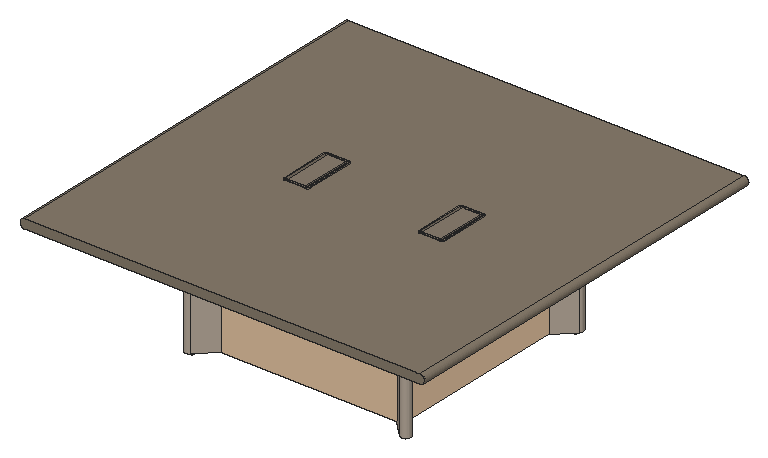
Revit family "Table-Teknion-CFSBFN_Figure_Table_Square_Gable_Enclosed_Base_Bullnose_Flat_Edge-R2023", category Furniture, Revit 2023 (continued)
Definition of nested family "Base"
  Dimensions and locks (in)
    aligned and locked: curve 35 to plane 23
    aligned and locked: curve 36 to plane 29
    aligned and locked: curve 37 to plane 28
    aligned and locked: curve 38 to plane 26
    aligned and locked: curve 39 to plane 25
    aligned and locked: curve 40 to plane 30
  Automatic sketch dimensions
    Sweep 2 sketch curve to profile plane = 0.000"  (x2)
    plane 1 "Center Front/Back" to Sweep 2 sketch curve = 0.000"  (x2)
    Sweep 2 sketch curve to Sweep 2 sketch curve = 0.70711"  (x10)
    plane 1 "Center Front/Back" to Sweep 2 sketch curve = 1.41421"
    profile plane to Sweep 2 sketch curve = 1.41421"
    plane 13 to curve 13 = 0.35355"
    plane 14 to curve 15 = 0.35355"
    plane 15 to curve 18 = 0.35355"
    plane 14 to curve 17 = 0.35355"
    plane 16 to curve 20 = 0.35355"
    plane 13 to curve 19 = 0.35355"
    plane 15 to curve 23 = 0.35355"
    plane 16 to curve 24 = 0.35355"
    curve 26 to plane 18 = 0.000"
    curve 25 to plane 19 = 0.000"
    curve 28 to plane 20 = 0.000"
    plane 19 to curve 29 = 0.750"
    plane 20 to curve 30 = 0.750"
    curve 31 to plane 17 = 0.000"
    curve 27 to curve 26 = 0.750"
    curve 32 to curve 27 = 1.41421"
  Nested families (in)
    nested 1: "Family2" at (8.8285, -8.8285, 0), Glide Finish <- "Glide Finish", type "Glide"
      with To render please download texture images found here "https://assets.teknion.com/web/5e81352c1dfdb467/revit-material-swatches/", How To Use Teknion Materials User Guide "https://assets.teknion.com/m/205dd0a49fa58060/original/How-to-add-a-Material-Library-and-Texture-Images-to-your-Revit-project.pdf", Glide Finish none, For Additional Finishes please visit "https://assets.teknion.com/m/44a8009b046e5d47/original/Teknion_Materials_Library.zip"
    nested 2: "Family2" at (8.8285, 8.8285, 0), Glide Finish <- "Glide Finish", type "Glide"
      with To render please download texture images found here "https://assets.teknion.com/web/5e81352c1dfdb467/revit-material-swatches/", How To Use Teknion Materials User Guide "https://assets.teknion.com/m/205dd0a49fa58060/original/How-to-add-a-Material-Library-and-Texture-Images-to-your-Revit-project.pdf", Glide Finish none, For Additional Finishes please visit "https://assets.teknion.com/m/44a8009b046e5d47/original/Teknion_Materials_Library.zip"
    nested 3: "Family2" at (-8.8285, -8.8285, 0), Glide Finish <- "Glide Finish", type "Glide"
      with To render please download texture images found here "https://assets.teknion.com/web/5e81352c1dfdb467/revit-material-swatches/", How To Use Teknion Materials User Guide "https://assets.teknion.com/m/205dd0a49fa58060/original/How-to-add-a-Material-Library-and-Texture-Images-to-your-Revit-project.pdf", Glide Finish none, For Additional Finishes please visit "https://assets.teknion.com/m/44a8009b046e5d47/original/Teknion_Materials_Library.zip"
    nested 4: "Family2" at (-8.8285, 8.8285, 0), Glide Finish <- "Glide Finish", type "Glide"
      with To render please download texture images found here "https://assets.teknion.com/web/5e81352c1dfdb467/revit-material-swatches/", How To Use Teknion Materials User Guide "https://assets.teknion.com/m/205dd0a49fa58060/original/How-to-add-a-Material-Library-and-Texture-Images-to-your-Revit-project.pdf", Glide Finish none, For Additional Finishes please visit "https://assets.teknion.com/m/44a8009b046e5d47/original/Teknion_Materials_Library.zip"
    nested 5: "Family2" at (23.688, -23.688, 0), Glide Finish <- "Glide Finish", type "Glide"
      with To render please download texture images found here "https://assets.teknion.com/web/5e81352c1dfdb467/revit-material-swatches/", How To Use Teknion Materials User Guide "https://assets.teknion.com/m/205dd0a49fa58060/original/How-to-add-a-Material-Library-and-Texture-Images-to-your-Revit-project.pdf", Glide Finish none, For Additional Finishes please visit "https://assets.teknion.com/m/44a8009b046e5d47/original/Teknion_Materials_Library.zip"
    nested 6: "Family2" at (-23.688, -23.688, 0), Glide Finish <- "Glide Finish", type "Glide"
      with To render please download texture images found here "https://assets.teknion.com/web/5e81352c1dfdb467/revit-material-swatches/", How To Use Teknion Materials User Guide "https://assets.teknion.com/m/205dd0a49fa58060/original/How-to-add-a-Material-Library-and-Texture-Images-to-your-Revit-project.pdf", Glide Finish none, For Additional Finishes please visit "https://assets.teknion.com/m/44a8009b046e5d47/original/Teknion_Materials_Library.zip"
    nested 7: "Family2" at (-23.688, 23.688, 0), Glide Finish <- "Glide Finish", type "Glide"
      with To render please download texture images found here "https://assets.teknion.com/web/5e81352c1dfdb467/revit-material-swatches/", How To Use Teknion Materials User Guide "https://assets.teknion.com/m/205dd0a49fa58060/original/How-to-add-a-Material-Library-and-Texture-Images-to-your-Revit-project.pdf", Glide Finish none, For Additional Finishes please visit "https://assets.teknion.com/m/44a8009b046e5d47/original/Teknion_Materials_Library.zip"
    nested 8: "Family2" at (23.688, 23.688, 0), Glide Finish <- "Glide Finish", type "Glide"
      with To render please download texture images found here "https://assets.teknion.com/web/5e81352c1dfdb467/revit-material-swatches/", How To Use Teknion Materials User Guide "https://assets.teknion.com/m/205dd0a49fa58060/original/How-to-add-a-Material-Library-and-Texture-Images-to-your-Revit-project.pdf", Glide Finish none, For Additional Finishes please visit "https://assets.teknion.com/m/44a8009b046e5d47/original/Teknion_Materials_Library.zip"
  Definition of nested family "Family2"
    Parameters (values of type "Glide")
      Warranty = "http://www.teknion.com/ca/papers/legal-canada"
      Unit Weight URL = "http://www.teknion.com/ca/tools/assets#&asset=bee6a381-b954-425e-8283-5a2de3a804f2,f828d448-4b62-4231-9e5f-9a8991c0ed77"
      URL = "www.teknion.com"
      To render please download texture images found here [instance] = "https://assets.teknion.com/web/5e81352c1dfdb467/revit-material-swatches/"
      Sustainability Data = "https://www.teknion.com/ca/tools/assets#&topic=216f99a5-57a0-44fc-b10a-9dee9b29ae4c&asset=444deb64-fe58-4b68-981e-f75e97781df7,b4ff2d81-9f2e-437d-9659-7cffb09c31cf"
      Series = ""
      Product Page URL = ""
      Product Line = ""
      Product Documentation Link = ""
      Part Number = ""
      Model = ""
      Manufacturer Phone = "416-661-3370"  # constant formula
      Manufacturer Fax = "416.661.4586"  # constant formula
      Manufacturer Contact Information = "http://www.teknion.com/ca/contactus"
      Manufacturer Address = "1150 Flint Road, Toronto, ON. M3J 2J5. Canada"  # constant formula
      Manufacturer = "Teknion"  # constant formula
      How To Use Teknion Materials User Guide [instance] = "https://assets.teknion.com/m/205dd0a49fa58060/original/How-to-add-a-Material-Library-and-Texture-Images-to-your-Revit-project.pdf"
      Glide Finish [instance] = none
      For Additional Finishes please visit [instance] = "https://assets.teknion.com/m/44a8009b046e5d47/original/Teknion_Materials_Library.zip"
      Description = "Glide"
      Default Elevation = 0.000"
      Assembly Code = "E2020200"
    Reference planes (in)
      plane 1 "Center Front/Back": y = 0
      plane 2: z = 0
      plane 3 "Center Left/Right": x = 0
      plane 4 "Left": x = -0.5
      plane 5 "Right": x = 0.5
      plane 6 "Back": y = 0.5
      plane 7 "Front": y = -0.5
      plane 8 "Top": z = 0.5
    Forms (in)
      Sweep 1, solid, material <- "Glide Finish"
        path origin (0, 0, 0) x (1, 0, 0) y (0, 0, 1)
          loop
            line (0, 0.5) -> (0, 0.375)
        profile origin (0, 0, 0.4375) x (0, -1, 0) y (1, 0, 0)
          loop
            line (-0.3125, 0.18042) -> (-0.3125, -0.18042) -> (0, -0.36084) -> (0.3125, -0.18042) -> (0.3125, 0.18042) -> (0, 0.36084) -> (-0.3125, 0.18042)
      Revolve 2, solid, material <- "Glide Finish"
        sketch origin (0, 0, 0) x (1, 0, 0) y (0, 0, 1)
          loop
            arc (-0.4, 0.375) -> (-0.47071, 0.34571) -> (-0.5, 0.275) r 0.1
            line (-0.5, 0.275) -> (-0.5, 0.1)
            arc (-0.5, 0.1) -> (-0.47071, 0.02929) -> (-0.4, 0) r 0.1
            line (-0.4, 0) -> (0, 0) -> (0, 0.375) -> (-0.4, 0.375)
          axis (0, 0) -> (0, 0.375)
        angle from 0 to 360
    Lines and regions (in)
      symbolic lines, detail levels fine
        curve 1: line (0.18042, 0.3125, 0) -> (-0.18042, 0.3125, 0)
        curve 2: line (-0.18042, 0.3125, 0) -> (-0.36084, 0, 0)
        curve 3: line (-0.36084, 0, 0) -> (-0.18042, -0.3125, 0)
        curve 4: line (-0.18042, -0.3125, 0) -> (0.18042, -0.3125, 0)
        curve 5: line (0.18042, -0.3125, 0) -> (0.36084, 0, 0)
        curve 6: line (0.36084, 0, 0) -> (0.18042, 0.3125, 0)
        curve 7: circle (0, 0, 0) r 0.5 normal (0, 0, 1)
    Dimensions and locks (in)
      plane 4 "Left" to plane 5 "Right" = 1.000"
      plane 6 "Back" to plane 7 "Front" = 1.000"
      plane 8 "Top" to level = 0.500"
      equal spacing: plane 7 "Front", plane 1 "Center Front/Back", plane 6 "Back"
      equal spacing: plane 4 "Left", plane 3 "Center Left/Right", plane 5 "Right"
      aligned and locked: level to plane 2
    Automatic sketch dimensions
      Sweep 1 sketch curve to plane 3 "Center Left/Right" = 0.000"
      Sweep 1 sketch curve to plane 8 "Top" = 0.000"
      Sweep 1 sketch curve to Sweep 1 sketch curve = 0.125"
      plane 1 "Center Front/Back" to Sweep 1 sketch curve = 0.000"  (x2)
      Sweep 1 sketch curve to plane 1 "Center Front/Back" = 0.3125"
      plane 1 "Center Front/Back" to Sweep 1 sketch curve = 0.3125"
      profile plane to Sweep 1 sketch curve = 0.36084"
      profile plane to Sweep 1 sketch curve = 0.18042"  (x2)
      Sweep 1 sketch curve to profile plane = 0.18042"  (x2)
      Sweep 1 sketch curve to Sweep 1 sketch curve = 0.18042"
      Revolve 2 sketch curve to plane 4 "Left" = 0.000"
      Revolve 2 sketch curve to level = 0.000"
      Revolve 2 sketch curve to plane 3 "Center Left/Right" = 0.000"  (x2)
      plane 4 "Left" to Revolve 2 sketch curve = 0.100"  (x2)
      Revolve 2 sketch curve to Revolve 2 sketch curve = 0.175"
      Revolve 2 sketch curve to Revolve 2 sketch curve = 0.05184"
      plane 8 "Top" to Revolve 2 sketch curve = 0.13729"
      plane 1 "Center Front/Back" to curve 2 = 0.000"
      plane 1 "Center Front/Back" to curve 7 = 0.000"
      curve 7 to plane 3 "Center Left/Right" = 0.000"
      plane 1 "Center Front/Back" to curve 6 = 0.000"
      curve 4 to plane 3 "Center Left/Right" = 0.18042"
      curve 1 to plane 3 "Center Left/Right" = 0.18042"
      plane 4 "Left" to curve 3 = 0.13916"
      plane 3 "Center Left/Right" to curve 5 = 0.18042"
      plane 3 "Center Left/Right" to curve 1 = 0.18042"
      plane 5 "Right" to curve 6 = 0.13916"
      curve 5 to plane 7 "Front" = 0.1875"
      curve 1 to plane 6 "Back" = 0.1875"
      radius of curve 7 = 0.500"
Definition of nested family "Family2"
  Parameters (values of type "Glide")
    Warranty = "http://www.teknion.com/ca/papers/legal-canada"
    Unit Weight URL = "http://www.teknion.com/ca/tools/assets#&asset=bee6a381-b954-425e-8283-5a2de3a804f2,f828d448-4b62-4231-9e5f-9a8991c0ed77"
    URL = "www.teknion.com"
    To render please download texture images found here [instance] = "https://assets.teknion.com/web/5e81352c1dfdb467/revit-material-swatches/"
    Sustainability Data = "https://www.teknion.com/ca/tools/assets#&topic=216f99a5-57a0-44fc-b10a-9dee9b29ae4c&asset=444deb64-fe58-4b68-981e-f75e97781df7,b4ff2d81-9f2e-437d-9659-7cffb09c31cf"
    Series = ""
    Product Page URL = ""
    Product Line = ""
    Product Documentation Link = ""
    Part Number = ""
    Model = ""
    Manufacturer Phone = "416-661-3370"  # constant formula
    Manufacturer Fax = "416.661.4586"  # constant formula
    Manufacturer Contact Information = "http://www.teknion.com/ca/contactus"
    Manufacturer Address = "1150 Flint Road, Toronto, ON. M3J 2J5. Canada"  # constant formula
    Manufacturer = "Teknion"  # constant formula
    How To Use Teknion Materials User Guide [instance] = "https://assets.teknion.com/m/205dd0a49fa58060/original/How-to-add-a-Material-Library-and-Texture-Images-to-your-Revit-project.pdf"
    Glide Finish [instance] = none
    For Additional Finishes please visit [instance] = "https://assets.teknion.com/m/44a8009b046e5d47/original/Teknion_Materials_Library.zip"
    Description = "Glide"
    Default Elevation = 0.000"
    Assembly Code = "E2020200"
  Reference planes (in)
    plane 1 "Center Front/Back": y = 0
    plane 2: z = 0
    plane 3 "Center Left/Right": x = 0
    plane 4 "Left": x = -0.5
    plane 5 "Right": x = 0.5
    plane 6 "Back": y = 0.5
    plane 7 "Front": y = -0.5
    plane 8 "Top": z = 0.5
  Forms (in)
    Sweep 1, solid, material <- "Glide Finish"
      path origin (0, 0, 0) x (1, 0, 0) y (0, 0, 1)
        loop
          line (0, 0.5) -> (0, 0.375)
      profile origin (0, 0, 0.4375) x (0, -1, 0) y (1, 0, 0)
        loop
          line (-0.3125, 0.18042) -> (-0.3125, -0.18042) -> (0, -0.36084) -> (0.3125, -0.18042) -> (0.3125, 0.18042) -> (0, 0.36084) -> (-0.3125, 0.18042)
    Revolve 2, solid, material <- "Glide Finish"
      sketch origin (0, 0, 0) x (1, 0, 0) y (0, 0, 1)
        loop
          arc (-0.4, 0.375) -> (-0.47071, 0.34571) -> (-0.5, 0.275) r 0.1
          line (-0.5, 0.275) -> (-0.5, 0.1)
          arc (-0.5, 0.1) -> (-0.47071, 0.02929) -> (-0.4, 0) r 0.1
          line (-0.4, 0) -> (0, 0) -> (0, 0.375) -> (-0.4, 0.375)
        axis (0, 0) -> (0, 0.375)
      angle from 0 to 360
  Lines and regions (in)
    symbolic lines, detail levels fine
      curve 1: line (0.18042, 0.3125, 0) -> (-0.18042, 0.3125, 0)
      curve 2: line (-0.18042, 0.3125, 0) -> (-0.36084, 0, 0)
      curve 3: line (-0.36084, 0, 0) -> (-0.18042, -0.3125, 0)
      curve 4: line (-0.18042, -0.3125, 0) -> (0.18042, -0.3125, 0)
      curve 5: line (0.18042, -0.3125, 0) -> (0.36084, 0, 0)
      curve 6: line (0.36084, 0, 0) -> (0.18042, 0.3125, 0)
      curve 7: circle (0, 0, 0) r 0.5 normal (0, 0, 1)
  Dimensions and locks (in)
    plane 4 "Left" to plane 5 "Right" = 1.000"
    plane 6 "Back" to plane 7 "Front" = 1.000"
    plane 8 "Top" to level = 0.500"
    equal spacing: plane 7 "Front", plane 1 "Center Front/Back", plane 6 "Back"
    equal spacing: plane 4 "Left", plane 3 "Center Left/Right", plane 5 "Right"
    aligned and locked: level to plane 2
  Automatic sketch dimensions
    Sweep 1 sketch curve to plane 3 "Center Left/Right" = 0.000"
    Sweep 1 sketch curve to plane 8 "Top" = 0.000"
    Sweep 1 sketch curve to Sweep 1 sketch curve = 0.125"
    plane 1 "Center Front/Back" to Sweep 1 sketch curve = 0.000"  (x2)
    Sweep 1 sketch curve to plane 1 "Center Front/Back" = 0.3125"
    plane 1 "Center Front/Back" to Sweep 1 sketch curve = 0.3125"
    profile plane to Sweep 1 sketch curve = 0.36084"
    profile plane to Sweep 1 sketch curve = 0.18042"  (x2)
    Sweep 1 sketch curve to profile plane = 0.18042"  (x2)
    Sweep 1 sketch curve to Sweep 1 sketch curve = 0.18042"
    Revolve 2 sketch curve to plane 4 "Left" = 0.000"
    Revolve 2 sketch curve to level = 0.000"
    Revolve 2 sketch curve to plane 3 "Center Left/Right" = 0.000"  (x2)
    plane 4 "Left" to Revolve 2 sketch curve = 0.100"  (x2)
    Revolve 2 sketch curve to Revolve 2 sketch curve = 0.175"
    Revolve 2 sketch curve to Revolve 2 sketch curve = 0.05184"
    plane 8 "Top" to Revolve 2 sketch curve = 0.13729"
    plane 1 "Center Front/Back" to curve 2 = 0.000"
    plane 1 "Center Front/Back" to curve 7 = 0.000"
    curve 7 to plane 3 "Center Left/Right" = 0.000"
    plane 1 "Center Front/Back" to curve 6 = 0.000"
    curve 4 to plane 3 "Center Left/Right" = 0.18042"
    curve 1 to plane 3 "Center Left/Right" = 0.18042"
    plane 4 "Left" to curve 3 = 0.13916"
    plane 3 "Center Left/Right" to curve 5 = 0.18042"
    plane 3 "Center Left/Right" to curve 1 = 0.18042"
    plane 5 "Right" to curve 6 = 0.13916"
    curve 5 to plane 7 "Front" = 0.1875"
    curve 1 to plane 6 "Back" = 0.1875"
    radius of curve 7 = 0.500"
Definition of nested family "Teknion_2D_Node_Family-R2021"
  Reference planes (in)
    plane 1 "Center (Front/Back)": y = 0
    plane 2: z = 0
    plane 3 "Center (Left/Right)": x = 0
  Lines and regions (in)
    detail lines, in view "Ref. Level"
      curve 1: circle (0, 0, 0) r 1.25 normal (0, 0, 1)
      curve 2: line (1.91508, -1.91508, 0) -> (-1.91508, 1.91508, 0)
      curve 3: line (-1.91508, -1.91508, 0) -> (1.91508, 1.91508, 0)
